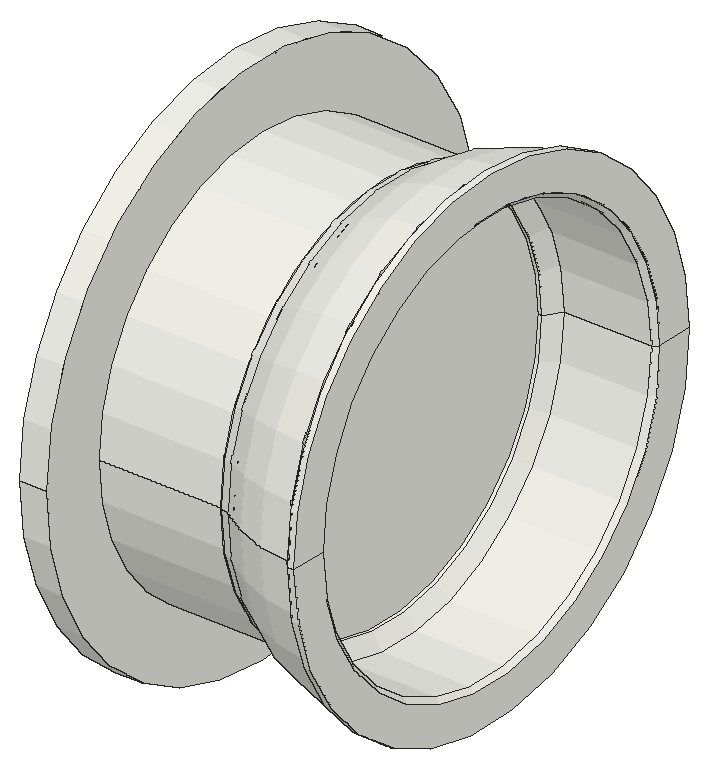
Revit family "FoFo_Extremidade", category Pipe Fittings, Revit 2025
Family settings
  Round Connector Dimension = Use Radius
  Part Type = Transition
  OmniClass Number = 23.60.30.11.14
  OmniClass Title = Pipework Fittings
  Work Plane-Based = Yes
  Always vertical = No
  Cut with Voids When Loaded = No
  Shared = Yes
Parameters (values of type "EFJGS_0400")
  PN = "10"
  Manufacturer = "SGC"
  Loss Method = K Coefficient from Table
  K Coefficient Table = "Tee"
  Junta_2_Tipo = FoFo_Junta_Flange : FLA_10_0400
  Junta_1_Tipo = FoFo_Junta_JGS : JGS_0400
  Description = "Extremidade"
  Default Elevation = 0.0 mm
  DN = "400"
  Corpo_L = 160.0 mm
  Corpo_RE1 = 0.5 * Corpo_DE  # 214.5 mm
  Corpo_DE = 429.0 mm
Reference planes
  plane 1 "EixoP": y = 0
  plane 2: z = 0
  plane 3 "EixoS": x = 468.25
  plane 4 "EE": x = 388.25
  plane 5 "ED": x = 548.25
Forms (mm)
  Sweep 1, solid, material "FOFO"
    path origin (0, 0, 0) x (1, 0, 0) y (0, 1, 0)
      loop
        line (388.25, 0) -> (548.25, 0)
    profile origin (468.25, 0, 0) x (0, 1, 0) y (0, 0, 1)
      loop
        circle (0, 0) r 214.5
Dimensions and locks
  "Corpo_L": plane 4 "EE" to plane 5 "ED"
  equal spacing: plane 4 "EE", plane 3 "EixoS", plane 5 "ED"
  "Corpo_RE1": radius of Sweep 1 sketch curve
  aligned and locked: Sweep 1 sketch curve to plane 1 "EixoP"
  aligned and locked: plane 5 "ED" to Sweep 1 sketch curve
  aligned and locked: plane 4 "EE" to Sweep 1 sketch curve
  aligned and locked: nested 1 to Sweep 1
Automatic sketch dimensions
  Sweep 1 sketch curve to level = 0.0 mm
  Sweep 1 sketch curve to profile plane = 0.0 mm
Nested families
  nested 1: "FoFo_Junta_JGS" at (-2070, 0, 0), type <- "Junta_1_Tipo", type "JGS_0400"
  nested 2: "FoFo_Junta_Flange" at (388.25, 0, 0) x (0, -1, 0) z (-1, 0, 0), type <- "Junta_2_Tipo", type "FLA_10_0400"
    with Furo_V 252.552 mm, Flange_RT 214.5 mm, Flange_RL 200.0 mm, Flange_RG 240.0 mm, Flange_RF 257.5 mm, Flange_RD 282.5 mm, Furo_Quant 16, Flange_MA 11.25°, Furo_H 50.236 mm, Flange_Diam_Resalto 480.0 mm, Furo_Raio 12.0 mm, Furo_Diam 24.0 mm, Flange_Diam_Livre 400.0 mm, Flange_Diam_Furacao 515.0 mm, Flange_Diam_Tubo 429.0 mm, Flange_Diam_Externo 565.0 mm, Flange_Resalto 4.0 mm, Flange_Altura 28.0 mm
Connectors
  piping at (548.25, 0, 0), diameter 429, driven by "Corpo_RE1"
    settings: on Sweep 1, index 1, connector inside diameter 24", connector length 0.0 mm, flow factor 0, pipe flow 0 GPM, pressure drop 0.00 psi, fitting loss kfactor 0, connector angle 0.00°, fixture units 0, engagement length 0.0 mm, angle of deflection 0.00°, flow configuration 0, flow direction 0, fitting loss method 0, system type 7, joint type 0, gender type 0, connector reference index -1, connector utility 0, adjustable connector yes, is connector primary yes, connector description ""
  piping at (548.25, 0, 0), diameter 429
    settings: on Sweep 1, index 2, connector inside diameter 24", connector length 0.0 mm, flow factor 0, pipe flow 0 GPM, pressure drop 0.00 psi, fitting loss kfactor 0, connector angle 0.00°, fixture units 0, engagement length 0.0 mm, angle of deflection 0.00°, flow configuration 0, flow direction 0, fitting loss method 0, system type 7, joint type 0, gender type 0, connector reference index -1, connector utility 0, adjustable connector no, is connector primary no, connector description ""
  piping at (388.25, 0, 0), diameter 429, driven by "Corpo_RE1"
    settings: on Sweep 1, index 3, connector inside diameter 24", connector length 0.0 mm, flow factor 0, pipe flow 0 GPM, pressure drop 0.00 psi, fitting loss kfactor 0, connector angle 0.00°, fixture units 0, engagement length 0.0 mm, angle of deflection 0.00°, flow configuration 0, flow direction 0, fitting loss method 0, system type 7, joint type 0, gender type 0, connector reference index -1, connector utility 0, adjustable connector yes, is connector primary no, connector description ""
Definition of nested family "FoFo_Junta_JGS"
  Parameters (values of type "JGS_0400")
    Manufacturer = "SGC"
    Loss Method = 1
    K Coefficient Table = "Tee"
    Description = "Bolsas JGS - JTI - JTE"
    Default Elevation = 0.0 mm
    DN = "400"
    Bolsa_RL = 0.5 * Bolsa_DL  # 200.0 mm
    Bolsa_Material = none
    Bolsa_DL = 400.0 mm
    Bolsa_Borde3 = Bolsa_Borde1 * 1.1  # 7.7 mm
    Bolsa_Borde1 = 7.0 mm
    Bolsa_RI = 0.5 * Bolsa_DI  # 216.0 mm
    Bolsa_RE = 0.5 * Bolsa_DE  # 214.5 mm
    Bolsa_RB = 0.5 * Bolsa_DB  # 258.5 mm
    Bolsa_Borde2 = Bolsa_Borde1 * 2  # 14.0 mm
    Bolsa_P = 112.0 mm
    Bolsa_E2 = 0.5 * Bolsa_E  # 3.0 mm
    Bolsa_E = 6.0 mm
    Bolsa_DI = 432.0 mm
    Bolsa_DE = 429.0 mm
    Bolsa_DB = 517.0 mm
  Types (16, lengths in mm): name | DN | Bolsa_RL | Bolsa_DL | Bolsa_RI | Bolsa_RE | Bolsa_RB | Bolsa_P | Bolsa_DI | Bolsa_DE | Bolsa_DB
    JGS_1200 | "1200" | 600.0 | 1200.0 | 629.0 | 627.5 | 706.0 | 167.0 | 1258.0 | 1255.0 | 1412.0
    JGS_1000 | "1000" | 500.0 | 1000.0 | 525.5 | 524.0 | 595.5 | 157.0 | 1051.0 | 1048.0 | 1191.0
    JGS_0900 | "900" | 450.0 | 900.0 | 474.0 | 472.5 | 541.0 | 147.0 | 948.0 | 945.0 | 1082.0
    JGS_0800 | "800" | 400.0 | 800.0 | 422.5 | 421.0 | 487.0 | 147.0 | 845.0 | 842.0 | 974.0
    JGS_0700 | "700" | 350.0 | 700.0 | 370.5 | 369.0 | 431.5 | 147.0 | 741.0 | 738.0 | 863.0
    JGS_0600 | "600" | 300.0 | 600.0 | 319.0 | 317.5 | 369.5 | 122.0 | 638.0 | 635.0 | 739.0
    JGS_0500 | "500" | 250.0 | 500.0 | 267.5 | 266.0 | 315.0 | 117.0 | 535.0 | 532.0 | 630.0
    JGS_0450 | "450" | 225.0 | 450.0 | 241.5 | 240.0 | 287.5 | 115.0 | 483.0 | 480.0 | 575.0
    JGS_0400 | "400" | 200.0 | 400.0 | 216.0 | 214.5 | 258.5 | 112.0 | 432.0 | 429.0 | 517.0
    JGS_0350 | "350" | 175.0 | 350.0 | 190.5 | 189.0 | 232.5 | 110.0 | 381.0 | 378.0 | 465.0
    JGS_0300 | "300" | 150.0 | 300.0 | 164.5 | 163.0 | 205.0 | 107.0 | 329.0 | 326.0 | 410.0
    JGS_0250 | "250" | 125.0 | 250.0 | 138.5 | 137.0 | 176.5 | 105.0 | 277.0 | 274.0 | 353.0
    JGS_0200 | "200" | 100.0 | 200.0 | 112.5 | 111.0 | 148.0 | 106.0 | 225.0 | 222.0 | 296.0
    JGS_0150 | "150" | 75.0 | 150.0 | 86.5 | 85.0 | 121.5 | 100.0 | 173.0 | 170.0 | 243.0
    JGS_0100 | "100" | 50.0 | 100.0 | 60.5 | 59.0 | 94.5 | 94.0 | 121.0 | 118.0 | 189.0
    JGS_0080 | "80" | 40.0 | 80.0 | 50.5 | 49.0 | 84.0 | 92.0 | 101.0 | 98.0 | 168.0
  Reference planes
    plane 1 "EixoP": y = 0
    plane 2: z = 0
    plane 3 "EixoS": x = 2618.25
    plane 4: x = 2730.25
    plane 5: y = 258.5
    plane 6: y = 216
    plane 7: y = 214.5
    plane 8: y = 200
  Forms (mm)
    Revolve 1, solid, material <- "Bolsa_Material"
      sketch origin (-3000, 0, 0) x (1, 0, 0) y (0, 1, 0)
        loop
          arc (5716.25, 250.8) -> (5670.117, 241.457) -> (5628.857, 218.804) r 156.302
          line (5628.857, 218.804) -> (5618.25, 214.5) -> (5618.25, 200.5) -> (5623.25, 200.5) -> (5633.25, 216) -> (5725.25, 216) -> (5730.25, 221) -> (5730.25, 258.5) -> (5723.25, 258.5) -> (5716.25, 250.8)
        axis (5618.25, 0) -> (5730.25, 0)
      angle from 0 to 360
  Lines and regions (mm)
    model lines, detail levels coarse
      curve 1: line (2618.25, 0, 0) -> (2648.25, 0, 0)
      curve 2: arc (2698.25, 50, 0) -> (2648.25, 0, 0) -> (2698.25, -50, 0) r 50
  Dimensions and locks
    "Bolsa_Borde1": Revolve 1 sketch curve to Revolve 1 sketch curve
    "Bolsa_Borde2": Revolve 1 sketch curve to Revolve 1 sketch curve
    "Bolsa_Borde3": Revolve 1 sketch curve to Revolve 1 sketch curve
    "Bolsa_P": plane 3 "EixoS" to Revolve 1 sketch curve
    "Bolsa_P": plane 4 to plane 3 "EixoS"
    "Bolsa_RB": plane 5 to plane 1 "EixoP"
    "Bolsa_RI": plane 6 to plane 1 "EixoP"
    "Bolsa_RE": plane 7 to plane 1 "EixoP"
    "Bolsa_RL": plane 8 to plane 1 "EixoP"
    aligned and locked: Revolve 1 sketch curve to plane 1 "EixoP"
    aligned and locked: Revolve 1 sketch curve to plane 5
    aligned and locked: plane 6 to Revolve 1 sketch curve
  Automatic sketch dimensions
    curve 1 to plane 1 "EixoP" = 0.0 mm
    curve 1 to plane 3 "EixoS" = 0.0 mm
    plane 1 "EixoP" to curve 2 = 0.0 mm
    plane 3 "EixoS" to curve 2 = 80.0 mm
    plane 3 "EixoS" to curve 1 = 30.0 mm
    Revolve 1 sketch curve to plane 3 "EixoS" = 0.0 mm  (x2)
    Revolve 1 sketch curve to plane 7 = 0.0 mm
    plane 8 to Revolve 1 sketch curve = 0.5 mm
    plane 3 "EixoS" to Revolve 1 sketch curve = 5.0 mm
    plane 6 to Revolve 1 sketch curve = 2.804 mm
    plane 3 "EixoS" to Revolve 1 sketch curve = 10.607 mm
    Revolve 1 sketch curve to Revolve 1 sketch curve = 4.393 mm
    Revolve 1 sketch curve to plane 4 = 6.397 mm
    Revolve 1 sketch curve to plane 4 = 5.0 mm
    plane 6 to Revolve 1 sketch curve = 5.0 mm
    plane 4 to Revolve 1 sketch curve = 9.153 mm
Definition of nested family "FoFo_Junta_Flange"
  Parameters (values of type "FLA_10_0080")
    PN = "10"
    Manufacturer = "SGC"
    Furo_V = Flange_RF * cos(Flange_MA)  # 73.91 mm
    Flange_RT = 0.5 * Flange_Diam_Tubo  # 49.0 mm
    Flange_RL = 0.5 * Flange_Diam_Livre  # 40.0 mm
    Flange_RG = 0.5 * Flange_Diam_Resalto  # 66.0 mm
    Flange_RF = 0.5 * Flange_Diam_Furacao  # 80.0 mm
    Flange_RD = 0.5 * Flange_Diam_Externo  # 100.0 mm
    Furo_Quant = 8
    Flange_MA = 0.5 * (360.00° / Furo_Quant)  # 22.50°
    Furo_H = Flange_RF * sin(Flange_MA)  # 30.615 mm
    Flange_Diam_Resalto = 132.0 mm
    Furo_Raio = 0.5 * Furo_Diam  # 8.0 mm
    Furo_Diam = 16.0 mm
    Flange_Diam_Livre = 80.0 mm
    Flange_Diam_Furacao = 160.0 mm
    Flange_Diam_Tubo = 98.0 mm
    Flange_Diam_Externo = 200.0 mm
    Flange_Resalto = 3.0 mm
    Flange_Altura = 19.0 mm
    Description = "Flange"
    Default Elevation = 0.0 mm
    DN = "80"
  Reference planes
    plane 1 "Centro (Frente/Trás)": y = 0
    plane 2: z = 0
    plane 3 "Centro (Esquerda/Direita)": x = 0
    plane 4: z = -3
    plane 5: z = -22
  Forms (mm)
    Extrusion 1, solid
      sketch origin (0, 0, 0) x (1, 0, 0) y (0, 1, 0)
        loop
          circle (0, 0) r 100
      from -22 to -3
    Extrusion 2, solid
      sketch origin (0, 0, 0) x (1, 0, 0) y (0, 1, 0)
        loop
          circle (0, 0) r 66
      from 0 to -3
    Extrusion 3, void
      sketch origin (0, 0, 0) x (1, 0, 0) y (0, 1, 0)
        loop
          circle (0, 0) r 40
      from 0 to -22
  Cuts and joins
    Extrusion 3 cuts Extrusion 1
    Extrusion 3 cuts Extrusion 2
    joined: Extrusion 1, Extrusion 2
  Lines and regions (mm)
    model lines
      curve 1: line (-40, 0, 0) -> (40, 0, 0)
      curve 2: line (0, 40, 0) -> (0, -40, 0)
  Dimensions and locks
    "Flange_Resalto": plane 2 to plane 4
    "Flange_Altura": plane 4 to plane 5
    "Flange_RD": radius of Extrusion 1 sketch curve
    "Flange_RG": radius of Extrusion 2 sketch curve
    "Flange_RL": radius of Extrusion 3 sketch curve
    aligned and locked: plane 2 to level
    aligned and locked: Extrusion 1 to plane 5
    aligned and locked: Extrusion 1 to Extrusion 3
    aligned and locked: cut or joined group of Extrusion 1, Extrusion 2, Extrusion 3 to plane 4
    aligned and locked: plane 4 to cut or joined group of Extrusion 1, Extrusion 2, Extrusion 3
  Automatic sketch dimensions
    plane 1 "Centro (Frente/Trás)" to curve 1 = 0.0 mm
    curve 1 to plane 3 "Centro (Esquerda/Direita)" = 40.0 mm
    plane 3 "Centro (Esquerda/Direita)" to curve 1 = 40.0 mm
    plane 1 "Centro (Frente/Trás)" to curve 2 = 40.0 mm
    curve 2 to plane 1 "Centro (Frente/Trás)" = 40.0 mm
    curve 2 to plane 3 "Centro (Esquerda/Direita)" = 0.0 mm
    plane 1 "Centro (Frente/Trás)" to Extrusion 1 sketch curve = 0.0 mm
    Extrusion 1 sketch curve to plane 3 "Centro (Esquerda/Direita)" = 0.0 mm
    plane 1 "Centro (Frente/Trás)" to Extrusion 2 sketch curve = 0.0 mm
    Extrusion 2 sketch curve to plane 3 "Centro (Esquerda/Direita)" = 0.0 mm
    plane 1 "Centro (Frente/Trás)" to Extrusion 3 sketch curve = 0.0 mm
    Extrusion 3 sketch curve to plane 3 "Centro (Esquerda/Direita)" = 0.0 mm
Types in the file's own list only (15): name | Junta_2_Tipo | Junta_1_Tipo | DN | Corpo_L | Corpo_RE1 | Corpo_DE
  EFJGS_0080 | FoFo_Junta_Flange : FLA_10_0080 | FoFo_Junta_JGS : JGS_0080 | "80" | 130.0 mm | 49.0 mm | 98.0 mm
  EFJGS_0100 | FoFo_Junta_Flange : FLA_10_0100 | FoFo_Junta_JGS : JGS_0100 | "100" | 130.0 mm | 59.0 mm | 118.0 mm
  EFJGS_0150 | FoFo_Junta_Flange : FLA_10_0150 | FoFo_Junta_JGS : JGS_0150 | "150" | 135.0 mm | 85.0 mm | 170.0 mm
  EFJGS_0200 | FoFo_Junta_Flange : FLA_10_0200 | FoFo_Junta_JGS : JGS_0200 | "200" | 140.0 mm | 111.0 mm | 222.0 mm
  EFJGS_0250 | FoFo_Junta_Flange : FLA_10_0250 | FoFo_Junta_JGS : JGS_0250 | "250" | 145.0 mm | 137.0 mm | 274.0 mm
  EFJGS_0300 | FoFo_Junta_Flange : FLA_10_0300 | FoFo_Junta_JGS : JGS_0300 | "300" | 150.0 mm | 163.0 mm | 326.0 mm
  EFJGS_0350 | FoFo_Junta_Flange : FLA_10_0350 | FoFo_Junta_JGS : JGS_0350 | "350" | 155.0 mm | 189.0 mm | 378.0 mm
  EFJGS_0450 | FoFo_Junta_Flange : FLA_10_0450 | FoFo_Junta_JGS : JGS_0450 | "450" | 165.0 mm | 240.0 mm | 480.0 mm
  EFJGS_0500 | FoFo_Junta_Flange : FLA_10_0500 | FoFo_Junta_JGS : JGS_0500 | "500" | 170.0 mm | 266.0 mm | 532.0 mm
  EFJGS_0600 | FoFo_Junta_Flange : FLA_10_0600 | FoFo_Junta_JGS : JGS_0600 | "600" | 180.0 mm | 317.5 mm | 635.0 mm
  EFJGS_0700 | FoFo_Junta_Flange : FLA_10_0700 | FoFo_Junta_JGS : JGS_0700 | "700" | 190.0 mm | 369.0 mm | 738.0 mm
  EFJGS_0800 | FoFo_Junta_Flange : FLA_10_0800 | FoFo_Junta_JGS : JGS_0800 | "800" | 200.0 mm | 421.0 mm | 842.0 mm
  EFJGS_0900 | FoFo_Junta_Flange : FLA_10_0900 | FoFo_Junta_JGS : JGS_0900 | "900" | 210.0 mm | 472.5 mm | 945.0 mm
  EFJGS_1000 | FoFo_Junta_Flange : FLA_10_1000 | FoFo_Junta_JGS : JGS_1000 | "1000" | 220.0 mm | 524.0 mm | 1048.0 mm
  EFJGS_1200 | FoFo_Junta_Flange : FLA_10_1200 | FoFo_Junta_JGS : JGS_1200 | "1200" | 240.0 mm | 627.5 mm | 1255.0 mm
